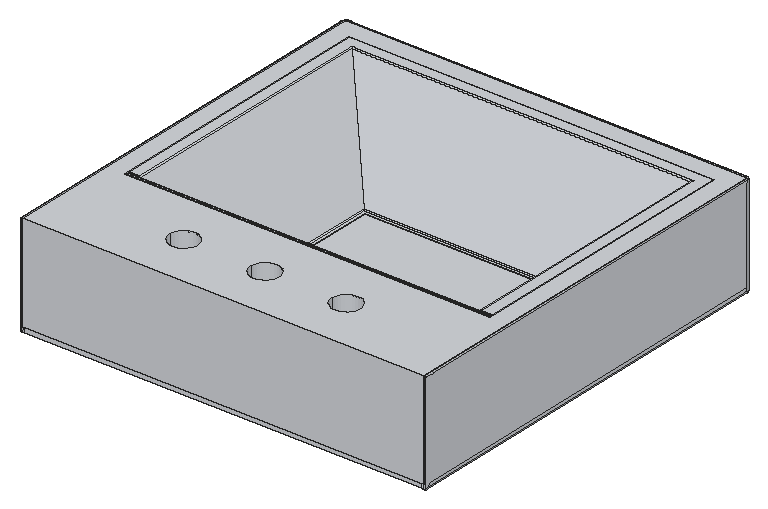
Revit family
Parameters (values of type "400 x 500mm")
  Material = none
  Manufacturer = "Revit"
  Assembly Code = "D2010440"
Reference planes
  plane 1: y = 0
  plane 2 "Center (Left/Right)": x = 125
  plane 3 "Back": y = 75
Text (mm)
  text "Placement side" at (-1787.139, 592.35, 0), in view "Ref. Level"
  text "Placement side" at (0, 1827.695, 2917.686), in view "Left"
  text "Placement side" at (0, 562.268, 3853.606), in view "Right"
Dimensions and locks
  locked: plane 3 "Back" to host wall at 0
  aligned and locked: host wall to plane 1
  aligned and locked: plane 3 "Back" to nested 1
Nested families
  nested 1: "Sink_1" at (125, 75, 630), type "400 x 500mm"
Definition of nested family "Sink_1"
  Parameters (values of type "400 x 500mm")
    Material = none
    Manufacturer = "Revit"
    Assembly Code = "D2010440"
  Reference planes
    plane 1 "Center (Front/Back)": y = 0
    plane 2: z = 0
    plane 3 "Center (Left/Right)": x = 0
    plane 4: x = -134.49
    plane 5: x = -249.489
    plane 6: x = -224.489
  Forms (mm)
    Sweep 1, solid, material <- "Material"
      path origin (-125, -75, 0) x (1, 0, 0) y (0, 1, 0)
        loop
          line (-99.49, 210) -> (-99.49, 550) -> (349.489, 550) -> (349.489, 210)
      profile origin (0, 305, 0) x (-1, 0, 0) y (0, 0, 1)
        loop
          line (224.489, 115) -> (224.489, 120) -> (210.598, 120)
          arc (210.598, 120) -> (209.628, 119.749) -> (208.902, 119.06) r 2
          line (208.902, 119.06) -> (135.077, 0.94)
          arc (135.077, 0.94) -> (134.351, 0.251) -> (133.381, 0) r 2
          line (133.381, 0) -> (129.136, 0) -> (129.136, -5.042) -> (137.234, -5.042) -> (212.261, 115) -> (224.489, 115)
    Sweep 2, solid, material <- "Material"
      path origin (-125, -75, 0) x (1, 0, 0) y (0, 1, 0)
        loop
          line (-99.49, 205) -> (349.489, 205)
      profile origin (0, 0, 0) x (0, 1, 0) y (0, 0, 1)
        loop
          line (149.827, 1.749) -> (135.102, 118.251)
          arc (135.102, 118.251) -> (134.441, 119.5) -> (133.118, 120) r 2
          line (133.118, 120) -> (129.881, 120) -> (145.686, -5.042) -> (155.686, -5.042) -> (155.686, 0) -> (151.811, 0)
          arc (151.811, 0) -> (150.489, 0.5) -> (149.827, 1.749) r 2
    Extrusion 3, solid, material <- "Material"
      sketch origin (-125, -75, 0) x (1, 0, 0) y (0, 1, 0)
        loop
          arc (-119.49, 573) -> (-121.611, 572.121) -> (-122.49, 570) r 3
          line (-122.49, 570) -> (-122.49, 75) -> (372.489, 75) -> (372.489, 570)
          arc (372.489, 570) -> (371.611, 572.121) -> (369.489, 573) r 3
          line (369.489, 573) -> (-119.49, 573)
        loop
          circle (25.511, 139.361) r 17.5
        loop
          circle (125.511, 139.361) r 17.5
        loop
          circle (225.511, 139.361) r 17.5
        loop
          line (349.489, 550) -> (-99.49, 550) -> (-99.49, 205) -> (349.489, 205) -> (349.489, 550)
      from 0 to 120
    Sweep 4, solid, material <- "Material"
      path origin (-125, -75, 0) x (1, 0, 0) y (0, 1, 0)
        loop
          line (-124.49, 75) -> (-124.49, 570)
          arc (-124.49, 570) -> (-123.025, 573.536) -> (-119.49, 575) r 5
          line (-119.49, 575) -> (369.489, 575)
          arc (369.489, 575) -> (373.025, 573.536) -> (374.489, 570) r 5
          line (374.489, 570) -> (374.489, 75)
      profile origin (0, 247.5, 0) x (-1, 0, 0) y (0, 0, 1)
        loop
          line (247.49, 120) -> (247.49, -5) -> (248.49, -5)
          arc (248.49, -5) -> (249.197, -4.707) -> (249.49, -4) r 1
          line (249.49, -4) -> (249.49, 119)
          arc (249.49, 119) -> (249.197, 119.707) -> (248.49, 120) r 1
          line (248.49, 120) -> (247.49, 120)
    Extrusion 5, solid, material <- "Material"
      sketch origin (-125, -75, 0) x (1, 0, 0) y (0, 1, 0)
        loop
          arc (-124.49, 80) -> (-123.025, 76.464) -> (-119.49, 75) r 5
          line (-119.49, 75) -> (369.489, 75)
          arc (369.489, 75) -> (373.025, 76.464) -> (374.489, 80) r 5
          line (374.489, 80) -> (374.489, 570)
          arc (374.489, 570) -> (373.025, 573.536) -> (369.489, 575) r 5
          line (369.489, 575) -> (-119.49, 575)
          arc (-119.49, 575) -> (-123.025, 573.536) -> (-124.49, 570) r 5
          line (-124.49, 570) -> (-124.49, 80)
        loop
          circle (125.51, 275) r 23
      from -5.042 to 0
  Lines and regions (mm)
    symbolic lines
      curve 1: line (-244.489, 500, 0) -> (244.49, 500, 0)
      curve 2: arc (244.49, 500, 0) -> (248.025, 498.536, 0) -> (249.49, 495, 0) r 5
      curve 3: line (249.49, 495, 0) -> (249.49, 5, 0)
      curve 4: arc (249.49, 5, 0) -> (248.025, 1.464, 0) -> (244.49, 0, 0) r 5
      curve 5: line (244.49, 0, 0) -> (-244.489, 0, 0)
      curve 6: arc (-244.489, 0, 0) -> (-248.025, 1.464, 0) -> (-249.489, 5, 0) r 5
      curve 7: line (-249.489, 5, 0) -> (-249.489, 495, 0)
      curve 8: arc (-249.489, 495, 0) -> (-248.025, 498.536, 0) -> (-244.489, 500, 0) r 5
      curve 9: line (-219.489, 475, 0) -> (219.49, 475, 0)
      curve 10: arc (219.49, 475, 0) -> (223.025, 473.536, 0) -> (224.49, 470, 0) r 5
      curve 11: line (224.49, 470, 0) -> (224.49, 135, 0)
      curve 12: arc (224.49, 135, 0) -> (223.025, 131.464, 0) -> (219.49, 130, 0) r 5
      curve 13: line (219.49, 130, 0) -> (-219.489, 130, 0)
      curve 14: arc (-219.489, 130, 0) -> (-223.025, 131.464, 0) -> (-224.489, 135, 0) r 5
      curve 15: line (-224.489, 135, 0) -> (-224.489, 470, 0)
      curve 16: arc (-224.489, 470, 0) -> (-223.025, 473.536, 0) -> (-219.489, 475, 0) r 5
      curve 17: line (124.106, 150.048, 0) -> (-126.022, 150.048, 0)
      curve 18: line (-126.022, 150.048, 0) -> (-129.49, 150.048, 0)
      curve 19: arc (-129.49, 150.048, 0) -> (-133.025, 151.513, 0) -> (-134.49, 155.048, 0) r 5
      curve 20: line (-134.49, 155.048, 0) -> (-134.49, 380, 0)
      curve 21: arc (-134.49, 380, 0) -> (-133.025, 383.536, 0) -> (-129.49, 385, 0) r 5
      curve 22: line (-129.49, 385, 0) -> (130.511, 385, 0)
      curve 23: line (-219.489, 470, 0) -> (-137.619, 388.13, 0)
      curve 24: line (219.49, 470, 0) -> (137.185, 387.696, 0)
      curve 25: line (219.49, 135, 0) -> (139.819, 150.477, 0)
      curve 26: line (-219.489, 135, 0) -> (-139.472, 151.032, 0)
      curve 27: arc (23.511, 200, 0) -> (0.511, 177, 0) -> (-22.489, 200, 0) r 23
      curve 28: arc (-22.489, 200, 0) -> (0.511, 223, 0) -> (23.511, 200, 0) r 23
      curve 29: arc (-36.989, 200, 0) -> (0.511, 237.5, 0) -> (38.011, 200, 0) r 37.5
      curve 30: arc (38.011, 200, 0) -> (0.511, 162.5, 0) -> (-36.989, 200, 0) r 37.5
      curve 31: arc (-16.989, 64.361, 0) -> (0.511, 81.861, 0) -> (18.011, 64.361, 0) r 17.5
      curve 32: arc (18.011, 64.361, 0) -> (0.511, 46.861, 0) -> (-16.989, 64.361, 0) r 17.5
      curve 33: arc (83.011, 64.361, 0) -> (100.511, 81.861, 0) -> (118.011, 64.361, 0) r 17.5
      curve 34: arc (118.011, 64.361, 0) -> (100.511, 46.861, 0) -> (83.011, 64.361, 0) r 17.5
      curve 35: arc (-116.989, 64.361, 0) -> (-99.489, 81.861, 0) -> (-81.989, 64.361, 0) r 17.5
      curve 36: arc (-81.989, 64.361, 0) -> (-99.489, 46.861, 0) -> (-116.989, 64.361, 0) r 17.5
      curve 37: spline (-11.99, 136.838, 0) -> (-11.564, 137.639, 0) -> (-10.315, 138.385, 0) -> (-8.328, 139.026, 0) -> (-5.74, 139.518, 0) -> (-2.725, 139.827, 0) -> (0.51, 139.933, 0) -> (3.746, 139.827, 0) -> (6.76, 139.518, 0) -> (9.349, 139.026, 0) -> (11.336, 138.385, 0) -> (12.585, 137.639, 0) -> (13.01, 136.838, 0)
      curve 38: spline (-11.99, 136.838, 0) -> (-11.564, 136.036, 0) -> (-10.315, 135.29, 0) -> (-8.328, 134.649, 0) -> (-5.74, 134.157, 0) -> (-2.725, 133.848, 0) -> (0.51, 133.742, 0) -> (3.746, 133.848, 0) -> (6.76, 134.157, 0) -> (9.349, 134.649, 0) -> (11.336, 135.29, 0) -> (12.585, 136.036, 0) -> (13.01, 136.838, 0)
      curve 39: arc (130.511, 150.048, 0) -> (134.046, 151.513, 0) -> (135.511, 155.048, 0) r 5
      curve 40: line (135.511, 155.048, 0) -> (135.511, 380, 0)
      curve 41: arc (135.511, 380, 0) -> (134.046, 383.536, 0) -> (130.511, 385, 0) r 5
  Dimensions and locks
    locked: curve 1 to curve 5 at 500
    locked: curve 9 to curve 1 at 25
    locked: curve 13 to curve 5 at 130
    locked: curve 17 to curve 13 at 20.048
    locked: curve 22 to curve 17 at 234.952
    locked: curve 22 to curve 9 at 90
    curve 32 to curve 36 to curve 34 to curve 5 = 0 mm, 0 mm, 46.861 mm locked
    curve 27 to curve 30 to curve 17 = 14.5 mm locked, 12.452 mm locked
    locked: curve 38 to curve 13 at 3.742
